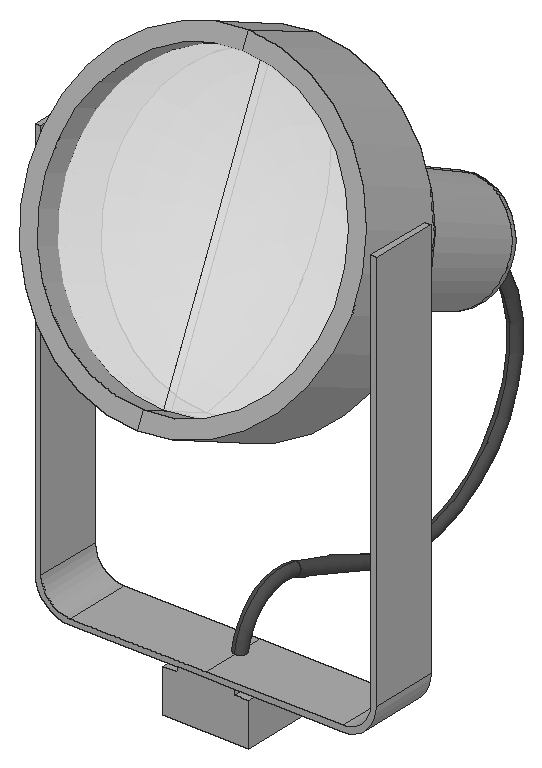
Revit family "AKTGP38", category Lighting Fixtures, host Face, Revit 2012
Parameters (values of type "AKTGP38")
  Wire = Black
  Wattage Comments = "250 W"
  Wattage = 250 W
  built-in parameter 1150110 = 1 (stored number, unit not read)
  built-in parameter 1114217 = 1 (stored number, unit not read)
  Tilt Angle = -90.00°
  built-in parameter 1150109 = 1 (stored number, unit not read)
  built-in parameter 1150134 = 3
  built-in parameter 1150113 = 1 (stored number, unit not read)
  Photometric Web File = "generic"
  built-in parameter 1150142 = (empty or 0)
  built-in parameter 1150105 = 2955.1 (stored number, unit not read)
  Lumens = 37135.5 lm
  built-in parameter 1150115 = 1 (stored number, unit not read)
  built-in parameter 1150137 = (empty or 0)
  built-in parameter 1150139 = (empty or 0)
  built-in parameter 1150112 = 1 (stored number, unit not read)
  built-in parameter 1150114 = 1 (stored number, unit not read)
  built-in parameter 1150132 = (empty or 0)
  built-in parameter 1150102 = (empty or 0)
  built-in parameter 1150107 = 3200 (stored number, unit not read)
  built-in parameter 1150138 = (empty or 0)
  built-in parameter 1150106 = 29.551 (stored number, unit not read)
  Finish = Diecast Aluminium
  URL = "http://www.prescolite.com"
  Product Page URL = "http://www.prescolite.com/products/gimbals/"
  Product Documentation Link = "http://www.prescolite.com/content/products/specs/specs_files/atrk_004.pdf"
  Model = "AKTGP38"  # constant formula
  Manufacturer Phone = "864-678-1000"  # constant formula
  Manufacturer Fax = "864-678-1065"  # constant formula
  Manufacturer = "Prescolite"  # constant formula
  Lamp = "1"
  Glass = Glass
  Family = "Rear Load Gimbals"
  built-in parameter 1150104 = 13.8 (stored number, unit not read)
  Dimming Lamp Color Temperature Shift = <None>
  Description = "One Line Voltage Lamp up to 250W"  # constant formula
  Default Elevation = 48"
  Color Filter = 16777215
  built-in parameter 1114218 = 1 (stored number, unit not read)
  built-in parameter 1150133 = 10 (stored number, unit not read)
  Apparent Load = 0 VA
Reference planes (in)
  plane 1 "Center (Front/Back)": y = 0
  plane 2: z = 0
  plane 3 "Center (Left/Right)": x = 0.0375
  plane 4: z = 10.5625
  plane 5: through (0, -3.62648, 8.81867) normal (0, -0.4226, -0.9063)
  plane 6: through (0, -1.37648, 8.81867) normal (0, -0.9063, 0.4226)
  plane 7: through (0, -2.99337, 5.35123) normal (0, -0.4226, -0.9063)
  plane 8: through (0, -0.56331, 10.5625) normal (0, -0.4226, -0.9063)
  plane 9: x = -2.84077
Forms (in)
  Revolve 1, solid, material "Diecast Aluminium" <- "Finish"
    sketch origin (0.0375, -0.50186, 3.11126) x (0, -1, 0) y (0, 0, 1)
      loop
        line (0.06145, 7.45124) -> (-1.38864, 6.77505)
        arc (-1.38864, 6.77505) -> (-1.91705, 5.70153) -> (-2.00522, 4.50825) r 3.13802
        line (-2.00522, 4.50825) -> (-4.80129, 3.08358)
        arc (-4.80129, 3.08358) -> (-4.94992, 2.9126) -> (-4.93806, 2.68637) r 0.30238
        line (-4.93806, 2.68637) -> (-4.65514, 2.07964) -> (-1.41695, 3.58964)
        arc (-1.41695, 3.58964) -> (-1.718, 5.09454) -> (-1.19131, 6.53605) r 2.83724
        line (-1.19131, 6.53605) -> (0.18824, 7.17935) -> (0.06145, 7.45124)
      axis (1.27648, 4.84561) -> (-4.65514, 2.07964)
    angle from 0 to 360
  Extrusion 2, solid, material "Diecast Aluminium" <- "Finish"
    sketch origin (0, -1.52177, -0.09278) x (1, 0, 0) y (0, 0, 1)
      loop
        line (-2.84077, 8.55027) -> (-2.94234, 8.55027) -> (-2.94234, 1.52452)
        arc (-2.94234, 1.52452) -> (-2.7666, 1.10025) -> (-2.34234, 0.92452) r 0.6
        line (-2.34234, 0.92452) -> (0.0375, 0.92452) -> (2.41734, 0.92452)
        arc (2.41734, 0.92452) -> (2.8416, 1.10025) -> (3.01734, 1.52452) r 0.6
        line (3.01734, 1.52452) -> (3.01734, 8.55027) -> (2.91577, 8.55027) -> (2.91577, 1.52608)
        arc (2.91577, 1.52608) -> (2.76933, 1.17253) -> (2.41577, 1.02608) r 0.5
        line (2.41577, 1.02608) -> (0.0375, 1.02608) -> (-2.34077, 1.02608)
        arc (-2.34077, 1.02608) -> (-2.69433, 1.17253) -> (-2.84077, 1.52608) r 0.5
        line (-2.84077, 1.52608) -> (-2.84077, 8.55027)
    from -1.19143 to -0.02177
  Extrusion 3, solid, material "Diecast Aluminium" <- "Finish"
    sketch origin (0.075, 0, 0) x (-1, 0, 0) y (0, 0, 1)
      loop
        line (-0.7125, 0) -> (0.7875, 0) -> (0.7875, 0.75) -> (0.5375, 0.75) -> (0.5375, 0.83174) -> (0.0375, 0.83174) -> (-0.4625, 0.83174) -> (-0.4625, 0.75) -> (-0.7125, 0.75) -> (-0.7125, 0)
    from -0.33034 to -1.5
  Sweep 4, solid, material "Black" <- "Wire"
    path origin (0.0375, 0, 0) x (0, -1, 0) y (0, 0, 1)
      loop
        arc (-3.88608, 5.3155) -> (-5.0579, 2.30603) -> (-2.0676, 1.08613) r 2.30217
        arc (-2.0676, 1.08613) -> (-1.25699, 1.43403) -> (-0.41763, 1.70535) r 9.51209
        arc (-0.41763, 1.70535) -> (0.41965, 1.53062) -> (0.76925, 0.75) r 0.9406
    profile origin (0.0375, 1.25699, 1.43403) x (0, 0.351368, 0.936238) y (-1, 0, 0)
      loop
        circle (0, 0) r 0.1083
  Revolve 5, solid, material "Glass" <- "Glass"
    sketch origin (0.0375, -0.27734, 1.59274) x (0, -1, 0) y (0, 0, 1)
      loop
        line (1.06582, 6.1612) -> (-0.02263, 8.4954) -> (-0.20389, 8.41088) -> (0.88456, 6.07668) -> (1.06582, 6.1612)
      axis (1.06582, 6.1612) -> (0.88456, 6.07668)
    angle from 0 to 360
Dimensions and locks (in)
  locked: plane 4 to plane 2 at 10.5625
  locked: plane 7 to plane 8 at 5.75
  aligned and locked: plane 2 to host face
  aligned and locked: level to host face
  aligned and locked: level to Extrusion 3 sketch curve
  aligned and locked: Extrusion 3 sketch curve to Extrusion 2  (x3)
  aligned and locked: Extrusion 3 sketch curve to level
  aligned and locked: plane 5 to Revolve 5 sketch curve  (x3)
  aligned and locked: Revolve 5 sketch curve to Revolve 5 sketch curve
  aligned and locked: Revolve 5 sketch curve to plane 5
  aligned and locked: Revolve 1 sketch curve to plane 5  (x2)
  aligned and locked: imposter light to Extrusion 2 sketch curve  (x2)
  aligned and locked: plane 8 to Revolve 1 sketch curve
  aligned and locked: Extrusion 2 sketch curve to Extrusion 2 sketch curve
Connectors (in)
  electrical at (0.0375, -0.91517, 0), driven by "Description", driven by "Apparent Load"
    settings: on Extrusion 3, index 1, voltage 120 V, apparent load 0 VA, apparent load phase1 0 VA, apparent load phase2 0 VA, apparent load phase3 0 VA, power factor 1, load classification "Other", number of poles 1, system type 30, power factor state 1, is connector primary yes, connector utility no, sub classification motor no, connector description "One Line Voltage Lamp up to 250W"
